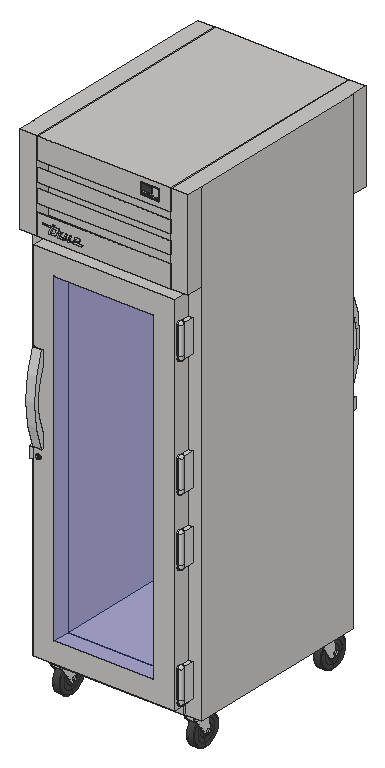
Revit family "QF_TRUE_STG1RPT-1G-1G-HC", category Specialty Equipment, Revit 2012
Parameters
  Weight in Pounds = 0
  Watts = Volts * FL Amps  # 437 W
  Volts = 115 V
  URL Manufacturer = "www.truemfg.com"
  URL Cutsheet = "www.truemfg.com"
  URL = "www.truemfg.com"
  Type Mark [instance] = ""
  Type Comments = "www.truemfg.com"
  Status [instance] = ""
  Specification by User [instance] = ""
  Specification by Manufacturer = ""
  Show Seismic Flanged [instance] = no
  Show Logo [instance] = yes
  Show Legs [instance] = no
  Show Clearance [instance] = yes
  Serial Number = ""
  Seismic Rating = ""
  Seismic Plate [instance] = and(Show Seismic Flanged, not(Show Casters))  # no
  SMACNA No = ""
  Revision Code [instance] = ""
  Phase = 1
  Omniclass Number and Title = ""
  Number of Poles [instance] = 1
  NAFEM Spec ID Number = ""
  Model = "STG1RPT-1G-1G-HC"
  Min Ckt Ampacity = 3.8 A
  Max Overcurrent Protection = 3.8 A
  MasterSpec. = ""
  Manufacturer = "TRUE FOOD SERVICE EQUIPMENT, INC."
  Length = 27 1/2"
  Legs [instance] = or(Show Legs, Show Seismic Flanged)  # no
  Item Number [instance] = ""
  Installed By [instance] = ""
  Identify Quantity as Lot [instance] = yes
  Height = 77 3/4"
  HP = "1/4"
  Furnished By [instance] = ""
  Foodservice Equipment Identifier [instance] = yes
  FL Amps = 3.8 A
  Electrical Remarks [instance] = ""
  Electric Connection Type [instance] = ""
  Elec Conn RI Height [instance] = 0"
  Elec Conn Connection Height [instance] = 0"
  Description = "PASS-THRU GLASS FRONT/GLASS REAR SWING DOORS REFRIGERATOR WITH HYDROCARBON REFRIGERANT WITH LED LIGHTING"
  Depth = 36 1/8"
  Cycle = 60 Hz
  Conn Plug = "5-15P"
  Conn Conduit = yes
  Show Casters [instance] = and(not(if(Show Legs, Show Legs, Show Legs)), not(if(Show Legs, Show Legs, Show Seismic Flanged)))  # yes
  CSI MasterFormat = ""
  CSI Master Format = ""
  Apparent Power = if(Phase = 3, Volts * FL Amps * 1.73, Volts * FL Amps)  # 437 VA
Reference planes (in)
  plane 1: z = 0
  plane 2 "LEFT": x = 0
  plane 3 "RIGHT": x = 27.5
  plane 4 "FRONT": y = -33.75
  plane 5 "TOP": z = 84.125
  plane 6: z = 6.125
  plane 7: y = -33.8917
  plane 8: y = 2.375
  plane 9: y = 4.03125
  plane 10: y = -35.40625
  plane 11: y = 25.40625
  plane 12: y = -56.78125
  plane 13: y = -56.78125
Forms (in)
  Extrusion 1, solid, material "QF_Finishes_Stainless Steel"
    sketch origin (0.09687, 0, 0) x (1, 0, 0) y (0, 1, 0)
      loop
        line (-0.09687, -0.375) -> (-0.09687, -31) -> (2.7625, -31) -> (2.7625, -0.375) -> (-0.09687, -0.375)
    from 6.125 to 84.125
  Extrusion 2, solid, material "QF_Finishes_Stainless Steel"
    sketch origin (50.15, 0, 0) x (1, 0, 0) y (0, 1, 0)
      loop
        line (-25.50937, -0.375) -> (-25.50937, -31) -> (-22.65, -31) -> (-22.65, -0.375) -> (-25.50937, -0.375)
    from 6.125 to 84.125
  Extrusion 3, solid, material "QF_Finishes_Stainless Steel"
    sketch origin (0, -0.1875, 0) x (0, 1, 0) y (0, 0, 1)
      loop
        line (-33.5625, 69.5) -> (-31, 69.5) -> (-31, 64.625) -> (0, 64.625) -> (0, 69.5) -> (2.5625, 69.5) -> (2.5625, 73.29302) -> (0.21659, 71.625) -> (0.21659, 72.90057) -> (2.5625, 74.56859) -> (2.5625, 76.6648) -> (0.21659, 74.99678) -> (0.21659, 75.95754) -> (2.5625, 77.62556) -> (2.5625, 79.75927) -> (0.21659, 78.09125) -> (0.21659, 79.21352) -> (2.5625, 80.88154) -> (2.5625, 84.125) -> (-33.5625, 84.125) -> (-33.5625, 80.68002) -> (-31.5, 79.21352) -> (-31.5, 78.09125) -> (-33.5625, 79.55776) -> (-33.5625, 77.42405) -> (-31.5, 75.95754) -> (-31.5, 74.99678) -> (-33.5625, 76.46328) -> (-33.5625, 74.36708) -> (-31.5, 72.90057) -> (-31.5, 71.625) -> (-33.5625, 73.09151) -> (-33.5625, 69.5)
      loop
        line (-31, 6.125) -> (0, 6.125) -> (0, 8.94743) -> (-31, 8.94743) -> (-31, 6.125)
    from 2.85938 to 24.64063
  Extrusion 4, solid, material "QF_Finishes_Stainless Steel"
    sketch origin (0.10531, 0, 0) x (1, 0, 0) y (0, 1, 0)
      loop
        line (27.34782, -31) -> (24.53532, -31) -> (24.53532, -33.75) -> (27.34782, -33.75) -> (27.34782, -31)
    from 69.5 to 84.125
  Extrusion 5, solid, material "QF_Finishes_Stainless Steel"
    sketch origin (-50.19421, 0, 0.25) x (1, 0, 0) y (0, 1, 0)
      loop
        line (53.05359, -31) -> (50.24109, -31) -> (50.24109, -33.75) -> (53.05359, -33.75) -> (53.05359, -31)
    from 69.25 to 83.875
  Extrusion 6, solid, material "QF_Finishes_Stainless Steel"
    sketch origin (-25.125, 0, -0.71875) x (1, 0, 0) y (0, 0, 1)
      loop
        line (27.40625, 8.75) -> (50.34375, 8.75) -> (50.34375, 68.6875) -> (27.40625, 68.6875) -> (27.40625, 8.75)
      loop
        line (30.75, 12.09375) -> (47, 12.09375) -> (47, 65.34375) -> (30.75, 65.34375) -> (30.75, 12.09375)
    from 31 to 33.75
  Extrusion 7, solid, material "QF_Finishes_Handrails and Railings"
    sketch origin (-8.56481, -0.26185, 93.525) x (0, 1, 0) y (0, 0, 1)
      loop
        line (-33.48815, -54.775) -> (-33.48815, -52.39813)
        arc (-33.48815, -52.39813) -> (-34.66767, -47.525) -> (-33.48815, -42.65188) r 10.65627
        line (-33.48815, -42.65188) -> (-33.48815, -40.275) -> (-33.7, -40.275)
        arc (-33.7, -40.275) -> (-35.1444, -47.525) -> (-33.7, -54.775) r 18.91753
        line (-33.7, -54.775) -> (-33.48815, -54.775)
    from 10.87731 to 12.37731
  Extrusion 8, solid, material "QF_Finishes_Handrails and Railings"
    sketch origin (-23.375, -0.1875, -2.6875) x (1, 0, 0) y (0, 0, 1)
      loop
        circle (26.4375, 40.0625) r 0.35
      loop
        line (26.47265, 40.33635) -> (26.41715, 40.33635) -> (26.41715, 39.76895) -> (26.47265, 39.76895) -> (26.47265, 40.33635)
    from 33.5625 to 33.625
  Extrusion 9, solid, material "QF_Finishes_Handrails and Railings", visible <- "Show Logo"
    sketch origin (0.33478, 1.08173, -6.73143) x (1, 0, 0) y (0, 0, 1)
      loop
        line (3.46044, 78.46231) -> (3.35478, 78.23573) -> (4.76027, 78.23573)
        arc (4.76027, 78.23573) -> (4.78879, 78.18528) -> (4.76027, 78.13484) r 0.05887
        line (4.76027, 78.13484) -> (4.39369, 77.34872)
        arc (4.39369, 77.34872) -> (4.39051, 77.27591) -> (4.43975, 77.22217) r 0.09523
        line (4.43975, 77.22217) -> (5.33844, 77.22217)
        arc (5.33844, 77.22217) -> (5.45192, 77.25795) -> (5.52436, 77.35235) r 0.19785
        line (5.52436, 77.35235) -> (5.81285, 77.97101) -> (6.0779, 77.97101)
        arc (6.0779, 77.97101) -> (6.14744, 77.94543) -> (6.13737, 77.87203) r 0.05911
        line (6.13737, 77.87203) -> (5.89598, 77.35437)
        arc (5.89598, 77.35437) -> (5.89974, 77.2684) -> (5.97231, 77.22217) r 0.09318
        line (5.97231, 77.22217) -> (6.76198, 77.22217)
        arc (6.76198, 77.22217) -> (6.82249, 77.24419) -> (6.85468, 77.29995) r 0.09412
        arc (6.85468, 77.29995) -> (6.87746, 77.24495) -> (6.93246, 77.22217) r 0.07778
        line (6.93246, 77.22217) -> (7.43246, 77.22217)
        arc (7.43246, 77.22217) -> (7.49022, 77.23765) -> (7.53251, 77.27993) r 0.11552
        arc (7.53251, 77.27993) -> (7.55275, 77.23106) -> (7.60162, 77.21081) r 0.06912
        line (7.60162, 77.21081) -> (8.31225, 77.21081)
        arc (8.31225, 77.21081) -> (8.37034, 77.23488) -> (8.39441, 77.29297) r 0.08216
        arc (8.39441, 77.29297) -> (8.44767, 77.23972) -> (8.52042, 77.22022) r 0.14551
        line (8.52042, 77.22022) -> (9.85158, 77.22022) -> (9.99946, 77.47634) -> (8.65678, 77.47634)
        arc (8.65678, 77.47634) -> (8.61972, 77.50204) -> (8.61834, 77.54711) r 0.05009
        line (8.61834, 77.54711) -> (8.64157, 77.59692)
        arc (8.64157, 77.59692) -> (8.67723, 77.64364) -> (8.73327, 77.66135) r 0.09747
        line (8.73327, 77.66135) -> (9.16485, 77.66135)
        arc (9.16485, 77.66135) -> (9.258, 77.68631) -> (9.32619, 77.7545) r 0.1863
        line (9.32619, 77.7545) -> (9.45119, 77.97101)
        arc (9.45119, 77.97101) -> (9.45119, 78.08657) -> (9.35111, 78.14434) r 0.11556
        line (9.35111, 78.14434) -> (8.89562, 78.14434)
        arc (8.89562, 78.14434) -> (8.7795, 78.12462) -> (8.69849, 78.03912) r 0.18605
        line (8.69849, 78.03912) -> (8.48204, 77.57493)
        arc (8.48204, 77.57493) -> (8.41815, 77.49167) -> (8.31806, 77.46011) r 0.1745
        line (8.31806, 77.46011) -> (7.84559, 77.46011)
        arc (7.84559, 77.46011) -> (7.78903, 77.52184) -> (7.79268, 77.60548) r 0.10939
        line (7.79268, 77.60548) -> (8.04395, 78.14434) -> (7.88403, 78.14434) -> (7.61781, 77.57344)
        arc (7.61781, 77.57344) -> (7.56609, 77.50603) -> (7.48505, 77.48048) r 0.14128
        line (7.48505, 77.48048) -> (7.15925, 77.48048)
        arc (7.15925, 77.48048) -> (7.10419, 77.55223) -> (7.116, 77.64189) r 0.11816
        line (7.116, 77.64189) -> (7.3503, 78.14434) -> (7.18514, 78.14434) -> (6.91546, 77.566)
        arc (6.91546, 77.566) -> (6.85285, 77.50339) -> (6.76733, 77.48048) r 0.17104
        line (6.76733, 77.48048) -> (6.29555, 77.48048)
        arc (6.29555, 77.48048) -> (6.21082, 77.51999) -> (6.20267, 77.61313) r 0.0935
        line (6.20267, 77.61313) -> (6.35774, 77.94569) -> (6.57695, 77.94569)
        arc (6.57695, 77.94569) -> (6.61395, 78.05717) -> (6.69267, 78.14434) r 0.2857
        line (6.69267, 78.14434) -> (5.83605, 78.14434)
        arc (5.83605, 78.14434) -> (5.74086, 78.12324) -> (5.67498, 78.05135) r 0.16212
        line (5.67498, 78.05135) -> (5.44279, 77.55341)
        arc (5.44279, 77.55341) -> (5.3894, 77.50002) -> (5.31647, 77.48048) r 0.14586
        line (5.31647, 77.48048) -> (4.80506, 77.48048)
        arc (4.80506, 77.48048) -> (4.76514, 77.53442) -> (4.77274, 77.60109) r 0.09155
        line (4.77274, 77.60109) -> (5.11018, 78.23573) -> (5.96155, 78.23573) -> (6.06721, 78.46231) -> (5.21584, 78.46231) -> (5.32149, 78.68888) -> (5.01862, 78.68888) -> (4.91297, 78.46231) -> (3.46044, 78.46231)
      loop
        arc (8.83805, 77.93863) -> (8.80119, 77.92875) -> (8.7742, 77.90176) r 0.07373
        line (8.7742, 77.90176) -> (8.75229, 77.83436)
        arc (8.75229, 77.83436) -> (8.76245, 77.80983) -> (8.78699, 77.79966) r 0.0347
        line (8.78699, 77.79966) -> (9.15948, 77.79966)
        arc (9.15948, 77.79966) -> (9.18632, 77.80561) -> (9.20812, 77.82234) r 0.0635
        line (9.20812, 77.82234) -> (9.22624, 77.90622)
        arc (9.22624, 77.90622) -> (9.22091, 77.92868) -> (9.20009, 77.93863) r 0.02676
        line (9.20009, 77.93863) -> (8.83805, 77.93863)
    from 34.64423 to 34.83173
  Extrusion 10, solid
    sketch origin (-25.125, 2.60721, 0) x (1, 0, 0) y (0, 0, 1)
      loop
        circle (49.375, 82) r 0.25
    from 0.23221 to 0.125
  Blend 11, solid, material "QF_Finishes_Handrails and Railings"
    base sketch origin (27.53125, 0, -0.6875) x (-1, 0, 0) y (0, 0, -1)
      loop
        line (25.25, -38.99169) -> (26, -38.99169) -> (26, -37.24169) -> (25.25, -37.24169) -> (25.25, -38.99169)
    top sketch origin (27.53125, 0, -0.6875) x (-1, 0, 0) y (0, 0, -1)
      loop
        line (26.18223, -36.6441) -> (25.25, -36.6441) -> (25.25, -39.42643) -> (26.18223, -39.42643) -> (26.18223, -36.6441)
    from 33.5625 to 31
  Extrusion 12, solid, material "QF_Finishes_Handrails and Railings"
    sketch origin (26.21875, 0.10979, 0) x (0, 1, 0) y (0, 0, -1)
      loop
        line (-31.10979, -64.55229) -> (-31.10979, -59.23627) -> (-33.25, -59.23627) -> (-33.25, -59.94848) -> (-32.81497, -59.94848) -> (-32.81497, -64.34776)
        arc (-32.81497, -64.34776) -> (-32.75506, -64.49238) -> (-32.61044, -64.55229) r 0.20453
        line (-32.61044, -64.55229) -> (-31.10979, -64.55229)
    from 0.17506 to 1
  Revolve 13, solid, material "QF_Finishes_Handrails and Railings"
    sketch origin (25.71875, 0.10979, 0) x (0, 1, 0) y (0, 0, -1)
      loop
        line (-33.26563, -60.00189) -> (-33.67229, -60.00189) -> (-33.67229, -64.4736)
        arc (-33.67229, -64.4736) -> (-33.53722, -64.72557) -> (-33.26563, -64.81483) r 0.3848
        line (-33.26563, -64.81483) -> (-33.26563, -60.00189)
      loop
        line (-33.26563, -59.94848) -> (-33.26563, -59.04781)
        arc (-33.26563, -59.04781) -> (-33.53264, -59.13383) -> (-33.67229, -59.37712) r 0.38884
        line (-33.67229, -59.37712) -> (-33.67229, -59.94848) -> (-33.26563, -59.94848)
      axis (-33.26563, -59.04781) -> (-33.26563, -64.81483)
    angle from 0 to 360
  Extrusion 14, solid, material "QF_Finishes_Handrails and Railings"
    sketch origin (27.53125, 0.10979, 0) x (-1, 0, 0) y (0, 0, -1)
      loop
        line (1.91491, -64.4736) -> (2.3125, -64.4736) -> (2.3125, -60.00079) -> (1.91491, -60.00079) -> (1.91491, -64.4736)
    from 32.81497 to 33.59495
  Extrusion 15, solid, material "QF_Finishes_Handrails and Railings"
    sketch origin (26.21875, 0.10979, -19.5) x (0, 1, 0) y (0, 0, -1)
      loop
        line (-31.10979, -64.55229) -> (-31.10979, -59.23627) -> (-33.25, -59.23627) -> (-33.25, -59.94848) -> (-32.81497, -59.94848) -> (-32.81497, -64.34776)
        arc (-32.81497, -64.34776) -> (-32.75506, -64.49238) -> (-32.61044, -64.55229) r 0.20453
        line (-32.61044, -64.55229) -> (-31.10979, -64.55229)
    from 0.17506 to 1
  Revolve 16, solid, material "QF_Finishes_Handrails and Railings"
    sketch origin (25.71875, 0.10979, -19.5) x (0, 1, 0) y (0, 0, -1)
      loop
        line (-33.26563, -60.00189) -> (-33.67229, -60.00189) -> (-33.67229, -64.4736)
        arc (-33.67229, -64.4736) -> (-33.53722, -64.72557) -> (-33.26563, -64.81483) r 0.3848
        line (-33.26563, -64.81483) -> (-33.26563, -60.00189)
      loop
        line (-33.26563, -59.94848) -> (-33.26563, -59.04781)
        arc (-33.26563, -59.04781) -> (-33.53264, -59.13383) -> (-33.67229, -59.37712) r 0.38884
        line (-33.67229, -59.37712) -> (-33.67229, -59.94848) -> (-33.26563, -59.94848)
      axis (-33.26563, -59.04781) -> (-33.26563, -64.81483)
    angle from 0 to 360
  Extrusion 17, solid, material "QF_Finishes_Handrails and Railings"
    sketch origin (27.53125, 0.10979, -19.5) x (-1, 0, 0) y (0, 0, -1)
      loop
        line (1.91491, -64.4736) -> (2.3125, -64.4736) -> (2.3125, -60.00079) -> (1.91491, -60.00079) -> (1.91491, -64.4736)
    from 32.81497 to 33.59495
  Extrusion 18, solid, material "QF_Finishes_Handrails and Railings"
    sketch origin (26.21875, 0.10979, -30.5) x (0, 1, 0) y (0, 0, -1)
      loop
        line (-31.10979, -64.55229) -> (-31.10979, -59.23627) -> (-33.25, -59.23627) -> (-33.25, -59.94848) -> (-32.81497, -59.94848) -> (-32.81497, -64.34776)
        arc (-32.81497, -64.34776) -> (-32.75506, -64.49238) -> (-32.61044, -64.55229) r 0.20453
        line (-32.61044, -64.55229) -> (-31.10979, -64.55229)
    from 0.17506 to 1
  Revolve 19, solid, material "QF_Finishes_Handrails and Railings"
    sketch origin (25.71875, 0.10979, -30.5) x (0, 1, 0) y (0, 0, -1)
      loop
        line (-33.26563, -60.00189) -> (-33.67229, -60.00189) -> (-33.67229, -64.4736)
        arc (-33.67229, -64.4736) -> (-33.53722, -64.72557) -> (-33.26563, -64.81483) r 0.3848
        line (-33.26563, -64.81483) -> (-33.26563, -60.00189)
      loop
        line (-33.26563, -59.94848) -> (-33.26563, -59.04781)
        arc (-33.26563, -59.04781) -> (-33.53264, -59.13383) -> (-33.67229, -59.37712) r 0.38884
        line (-33.67229, -59.37712) -> (-33.67229, -59.94848) -> (-33.26563, -59.94848)
      axis (-33.26563, -59.04781) -> (-33.26563, -64.81483)
    angle from 0 to 360
  Extrusion 20, solid, material "QF_Finishes_Handrails and Railings"
    sketch origin (27.53125, 0.10979, -30.5) x (-1, 0, 0) y (0, 0, -1)
      loop
        line (1.91491, -64.4736) -> (2.3125, -64.4736) -> (2.3125, -60.00079) -> (1.91491, -60.00079) -> (1.91491, -64.4736)
    from 32.81497 to 33.59495
  Extrusion 21, solid, material "QF_Finishes_Handrails and Railings"
    sketch origin (26.21875, 0.10979, -50.25) x (0, 1, 0) y (0, 0, -1)
      loop
        line (-31.10979, -64.55229) -> (-31.10979, -59.19743) -> (-33.25, -59.19743) -> (-33.25, -59.94848) -> (-32.81497, -59.94848) -> (-32.81497, -64.34776)
        arc (-32.81497, -64.34776) -> (-32.75506, -64.49238) -> (-32.61044, -64.55229) r 0.20453
        line (-32.61044, -64.55229) -> (-31.10979, -64.55229)
    from 0.17506 to 1
  Revolve 22, solid, material "QF_Finishes_Handrails and Railings"
    sketch origin (25.71875, 0.10979, -50.25) x (0, 1, 0) y (0, 0, -1)
      loop
        line (-33.26563, -60.00189) -> (-33.67229, -60.00189) -> (-33.67229, -64.4736)
        arc (-33.67229, -64.4736) -> (-33.53722, -64.72557) -> (-33.26563, -64.81483) r 0.3848
        line (-33.26563, -64.81483) -> (-33.26563, -60.00189)
      loop
        line (-33.26563, -59.94848) -> (-33.26563, -59.04781)
        arc (-33.26563, -59.04781) -> (-33.53264, -59.13383) -> (-33.67229, -59.37712) r 0.38884
        line (-33.67229, -59.37712) -> (-33.67229, -59.94848) -> (-33.26563, -59.94848)
      axis (-33.26563, -59.04781) -> (-33.26563, -64.81483)
    angle from 0 to 360
  Extrusion 23, solid, material "QF_Finishes_Handrails and Railings"
    sketch origin (27.53125, 0.10979, -50.25) x (-1, 0, 0) y (0, 0, -1)
      loop
        line (1.91491, -64.4736) -> (2.3125, -64.4736) -> (2.3125, -60.00079) -> (1.91491, -60.00079) -> (1.91491, -64.4736)
    from 32.81497 to 33.59495
  Revolve 24, solid, material "QF_Finishes_Black", visible <- "Show Casters"
    sketch origin (22.65625, -27.375, 0) x (1, 0, 0) y (0, 0, 1)
      loop
        line (1.475, 5) -> (1.375, 4.9) -> (1.375, 4.29941) -> (1.53601, 4.29941) -> (1.53601, 3.54941) -> (1.375, 3.54941) -> (1.375, 2.79941) -> (0.975, 2.79941) -> (0.975, 2.5) -> (3.025, 2.5) -> (3.025, 2.79941) -> (2.62908, 2.79941) -> (2.62908, 3.54941) -> (2.46399, 3.54941) -> (2.46399, 4.29941) -> (2.62908, 4.29941) -> (2.62908, 4.89592) -> (2.525, 5) -> (1.475, 5)
      axis (3.025, 2.5) -> (0.975, 2.5)
    angle from 0 to 360
  Extrusion 25, solid, material "QF_Finishes_Handrails and Railings", visible <- "Show Casters"
    sketch origin (22.65625, 0, 0) x (0, 1, 0) y (0, 0, 1)
      loop
        line (-29.95136, 5.48574) -> (-29.95136, 4.88089) -> (-29.70136, 4.88089) -> (-27.95216, 2.18736)
        arc (-27.95216, 2.18736) -> (-27.23883, 1.94868) -> (-26.84581, 2.59003) r 0.60416
        line (-26.84581, 2.59003) -> (-27.20136, 5.48574) -> (-29.95136, 5.48574)
      loop
        line (-4.07645, 5.48574) -> (-4.07645, 4.88089) -> (-3.82645, 4.88089) -> (-2.07725, 2.18736)
        arc (-2.07725, 2.18736) -> (-1.36392, 1.94868) -> (-0.9709, 2.59003) r 0.60416
        line (-0.9709, 2.59003) -> (-1.32645, 5.48574) -> (-4.07645, 5.48574)
    from 1.175 to 1.325
  Extrusion 26, solid, material "QF_Finishes_Handrails and Railings", visible <- "Show Casters"
    sketch origin (24.15625, 0, 0) x (0, 1, 0) y (0, 0, 1)
      loop
        line (-29.95136, 5.48574) -> (-29.95136, 4.88089) -> (-29.70136, 4.88089) -> (-27.95216, 2.18736)
        arc (-27.95216, 2.18736) -> (-27.23883, 1.94868) -> (-26.84581, 2.59003) r 0.60416
        line (-26.84581, 2.59003) -> (-27.20136, 5.48574) -> (-29.95136, 5.48574)
      loop
        line (-4.45145, 5.48574) -> (-4.45145, 4.88089) -> (-4.20145, 4.88089) -> (-2.45225, 2.18736)
        arc (-2.45225, 2.18736) -> (-1.73892, 1.94868) -> (-1.3459, 2.59003) r 0.60416
        line (-1.3459, 2.59003) -> (-1.70145, 5.48574) -> (-4.45145, 5.48574)
    from 1.175 to 1.325
  Revolve 27, solid, material "QF_Finishes_Chrome - Satin", visible <- "Show Casters"
    sketch origin (22.65625, -28.5625, -0.5) x (1, 0, 0) y (0, 0, 1)
      loop
        line (2, 5.99546) -> (2, 6.625) -> (0.70293, 6.625) -> (0.70293, 5.99546) -> (2, 5.99546)
      axis (2, 5.99546) -> (2, 6.625)
    angle from 0 to 360
  Revolve 28, solid, material "QF_Finishes_Chrome - Satin", visible <- "Legs"
    sketch origin (22.65625, -2.69102, 0) x (1, 0, 0) y (0, 0, 1)
      loop
        line (2, 6.125) -> (0.66662, 6.125) -> (1.25, 1) -> (1.5, 1) -> (1.5, 0) -> (2, 0) -> (2, 6.125)
      axis (2, 0) -> (2, 6.125)
    angle from 0 to 360
  Revolve 29, solid, material "QF_Finishes_Chrome - Satin", visible <- "Legs"
    sketch origin (22.65625, -28.5625, 0) x (1, 0, 0) y (0, 0, 1)
      loop
        line (2, 6.125) -> (0.66662, 6.125) -> (1.25, 1) -> (1.5, 1) -> (1.5, 0) -> (2, 0) -> (2, 6.125)
      axis (2, 0) -> (2, 6.125)
    angle from 0 to 360
  Revolve 30, solid, material "QF_Finishes_Chrome - Satin", visible <- "Show Casters"
    sketch origin (22.65625, -2.70321, -0.5) x (1, 0, 0) y (0, 0, 1)
      loop
        line (2, 5.99546) -> (2, 6.625) -> (0.70293, 6.625) -> (0.70293, 5.99546) -> (2, 5.99546)
      axis (2, 5.99546) -> (2, 6.625)
    angle from 0 to 360
  Extrusion 31, solid, material "QF_Finishes_Handrails and Railings", visible <- "Show Casters"
    sketch origin (-25.125, 0, 0) x (0, 1, 0) y (0, 0, 1)
      loop
        line (-29.95136, 5.48574) -> (-29.95136, 4.88089) -> (-29.70136, 4.88089) -> (-27.16533, 5.19227) -> (-27.20136, 5.48574) -> (-29.95136, 5.48574)
      loop
        line (-4.07645, 5.48574) -> (-4.07645, 4.88089) -> (-3.82645, 4.88089) -> (-1.29042, 5.19227) -> (-1.32645, 5.48574) -> (-4.07645, 5.48574)
    from 49.10625 to 50.45625
  Revolve 32, solid, material "QF_Finishes_Black", visible <- "Show Casters"
    sketch origin (22.65625, -1.4375, 0) x (1, 0, 0) y (0, 0, 1)
      loop
        line (1.475, 5) -> (1.375, 4.9) -> (1.375, 4.29941) -> (1.53601, 4.29941) -> (1.53601, 3.54941) -> (1.375, 3.54941) -> (1.375, 2.79941) -> (0.975, 2.79941) -> (0.975, 2.5) -> (3.025, 2.5) -> (3.025, 2.79941) -> (2.62908, 2.79941) -> (2.62908, 3.54941) -> (2.46399, 3.54941) -> (2.46399, 4.29941) -> (2.62908, 4.29941) -> (2.62908, 4.89592) -> (2.525, 5) -> (1.475, 5)
      axis (3.025, 2.5) -> (0.975, 2.5)
    angle from 0 to 360
  Revolve 33, solid, material "QF_Finishes_Black", visible <- "Show Casters"
    sketch origin (0.84375, -27.375, 0) x (1, 0, 0) y (0, 0, 1)
      loop
        line (1.475, 5) -> (1.375, 4.9) -> (1.375, 4.29941) -> (1.53601, 4.29941) -> (1.53601, 3.54941) -> (1.375, 3.54941) -> (1.375, 2.79941) -> (0.975, 2.79941) -> (0.975, 2.5) -> (3.025, 2.5) -> (3.025, 2.79941) -> (2.62908, 2.79941) -> (2.62908, 3.54941) -> (2.46399, 3.54941) -> (2.46399, 4.29941) -> (2.62908, 4.29941) -> (2.62908, 4.89592) -> (2.525, 5) -> (1.475, 5)
      axis (3.025, 2.5) -> (0.975, 2.5)
    angle from 0 to 360
  Extrusion 34, solid, material "QF_Finishes_Handrails and Railings", visible <- "Show Casters"
    sketch origin (0.84375, 0, 0) x (0, 1, 0) y (0, 0, 1)
      loop
        line (-29.95136, 5.48574) -> (-29.95136, 4.88089) -> (-29.70136, 4.88089) -> (-27.95216, 2.18736)
        arc (-27.95216, 2.18736) -> (-27.23883, 1.94868) -> (-26.84581, 2.59003) r 0.60416
        line (-26.84581, 2.59003) -> (-27.20136, 5.48574) -> (-29.95136, 5.48574)
      loop
        line (-4.07645, 5.48574) -> (-4.07645, 4.88089) -> (-3.82645, 4.88089) -> (-2.07725, 2.18736)
        arc (-2.07725, 2.18736) -> (-1.36392, 1.94868) -> (-0.9709, 2.59003) r 0.60416
        line (-0.9709, 2.59003) -> (-1.32645, 5.48574) -> (-4.07645, 5.48574)
    from 1.175 to 1.325
  Extrusion 35, solid, material "QF_Finishes_Handrails and Railings", visible <- "Show Casters"
    sketch origin (2.34375, 0, 0) x (0, 1, 0) y (0, 0, 1)
      loop
        line (-29.95136, 5.48574) -> (-29.95136, 4.88089) -> (-29.70136, 4.88089) -> (-27.95216, 2.18736)
        arc (-27.95216, 2.18736) -> (-27.23883, 1.94868) -> (-26.84581, 2.59003) r 0.60416
        line (-26.84581, 2.59003) -> (-27.20136, 5.48574) -> (-29.95136, 5.48574)
      loop
        line (-4.07645, 5.48574) -> (-4.07645, 4.88089) -> (-3.82645, 4.88089) -> (-2.07725, 2.18736)
        arc (-2.07725, 2.18736) -> (-1.36392, 1.94868) -> (-0.9709, 2.59003) r 0.60416
        line (-0.9709, 2.59003) -> (-1.32645, 5.48574) -> (-4.07645, 5.48574)
    from 1.175 to 1.325
  Revolve 36, solid, material "QF_Finishes_Chrome - Satin", visible <- "Show Casters"
    sketch origin (0.84375, -28.5625, -0.5) x (1, 0, 0) y (0, 0, 1)
      loop
        line (2, 5.99546) -> (2, 6.625) -> (0.70293, 6.625) -> (0.70293, 5.99546) -> (2, 5.99546)
      axis (2, 5.99546) -> (2, 6.625)
    angle from 0 to 360
  Revolve 37, solid, material "QF_Finishes_Chrome - Satin", visible <- "Legs"
    sketch origin (0.84375, -2.69102, 0) x (1, 0, 0) y (0, 0, 1)
      loop
        line (2, 6.125) -> (0.66662, 6.125) -> (1.25, 1) -> (1.5, 1) -> (1.5, 0) -> (2, 0) -> (2, 6.125)
      axis (2, 0) -> (2, 6.125)
    angle from 0 to 360
  Revolve 38, solid, material "QF_Finishes_Chrome - Satin", visible <- "Legs"
    sketch origin (0.84375, -28.5625, 0) x (1, 0, 0) y (0, 0, 1)
      loop
        line (2, 6.125) -> (0.66662, 6.125) -> (1.25, 1) -> (1.5, 1) -> (1.5, 0) -> (2, 0) -> (2, 6.125)
      axis (2, 0) -> (2, 6.125)
    angle from 0 to 360
  Revolve 39, solid, material "QF_Finishes_Chrome - Satin", visible <- "Show Casters"
    sketch origin (0.84375, -2.70321, -0.5) x (1, 0, 0) y (0, 0, 1)
      loop
        line (2, 5.99546) -> (2, 6.625) -> (0.70293, 6.625) -> (0.70293, 5.99546) -> (2, 5.99546)
      axis (2, 5.99546) -> (2, 6.625)
    angle from 0 to 360
  Extrusion 40, solid, material "QF_Finishes_Handrails and Railings", visible <- "Show Casters"
    sketch origin (-46.9375, 0, 0) x (0, 1, 0) y (0, 0, 1)
      loop
        line (-29.95136, 5.48574) -> (-29.95136, 4.88089) -> (-29.70136, 4.88089) -> (-27.16533, 5.19227) -> (-27.20136, 5.48574) -> (-29.95136, 5.48574)
      loop
        line (-4.07645, 5.48574) -> (-4.07645, 4.88089) -> (-3.82645, 4.88089) -> (-1.29042, 5.19227) -> (-1.32645, 5.48574) -> (-4.07645, 5.48574)
    from 49.10625 to 50.45625
  Revolve 41, solid, material "QF_Finishes_Black", visible <- "Show Casters"
    sketch origin (0.84375, -1.4375, 0) x (1, 0, 0) y (0, 0, 1)
      loop
        line (1.475, 5) -> (1.375, 4.9) -> (1.375, 4.29941) -> (1.53601, 4.29941) -> (1.53601, 3.54941) -> (1.375, 3.54941) -> (1.375, 2.79941) -> (0.975, 2.79941) -> (0.975, 2.5) -> (3.025, 2.5) -> (3.025, 2.79941) -> (2.62908, 2.79941) -> (2.62908, 3.54941) -> (2.46399, 3.54941) -> (2.46399, 4.29941) -> (2.62908, 4.29941) -> (2.62908, 4.89592) -> (2.525, 5) -> (1.475, 5)
      axis (3.025, 2.5) -> (0.975, 2.5)
    angle from 0 to 360
  Extrusion 42, solid, material "Glass"
    sketch origin (-25.125, 0, -0.71875) x (1, 0, 0) y (0, 0, 1)
      loop
        line (30.75, 12.09375) -> (47, 12.09375) -> (47, 65.34375) -> (30.75, 65.34375) -> (30.75, 12.09375)
    from 31 to 33.75
  Extrusion 43, solid, material "QF_Finishes_Stainless Steel"
    sketch origin (-25.125, -31.7042, -0.71875) x (1, 0, 0) y (0, 0, -1)
      loop
        line (27.40625, -68.6875) -> (50.34375, -68.6875) -> (50.34375, -8.75) -> (27.40625, -8.75) -> (27.40625, -68.6875)
      loop
        line (30.75, -12.09375) -> (30.75, -65.34375) -> (47, -65.34375) -> (47, -12.09375) -> (30.75, -12.09375)
    from 31.3292 to 34.0792
  Extrusion 44, solid, material "Glass"
    sketch origin (-25.125, -31.7042, -0.71875) x (1, 0, 0) y (0, 0, -1)
      loop
        line (30.75, -12.09375) -> (30.75, -65.34375) -> (47, -65.34375) -> (47, -12.09375) -> (30.75, -12.09375)
    from 31.3292 to 34.0792
  Extrusion 45, solid, material "QF_Finishes_Stainless Steel"
    sketch origin (0.10531, -31.3292, 0) x (1, 0, 0) y (0, 1, 0)
      loop
        line (27.34782, 30.9542) -> (27.34782, 33.7042) -> (24.53532, 33.7042) -> (24.53532, 30.9542) -> (27.34782, 30.9542)
    from 69.5 to 84.125
  Extrusion 46, solid, material "QF_Finishes_Stainless Steel"
    sketch origin (-50.14734, -31.3292, 0.25) x (1, 0, 0) y (0, 1, 0)
      loop
        line (53.00671, 30.9542) -> (53.00671, 33.7042) -> (50.19421, 33.7042) -> (50.19421, 30.9542) -> (53.00671, 30.9542)
    from 69.25 to 83.875
  Extrusion 47, solid, material "QF_Finishes_Handrails and Railings"
    sketch origin (1.28125, -31.48479, 0) x (0, -1, 0) y (0, 0, -1)
      loop
        line (-31.10979, -64.55229) -> (-31.10979, -59.23627) -> (-33.25, -59.23627) -> (-33.25, -59.94848) -> (-32.81497, -59.94848) -> (-32.81497, -64.34776)
        arc (-32.81497, -64.34776) -> (-32.75506, -64.49238) -> (-32.61044, -64.55229) r 0.20453
        line (-32.61044, -64.55229) -> (-31.10979, -64.55229)
    from 0.17506 to 1
  Revolve 48, solid, material "QF_Finishes_Handrails and Railings"
    sketch origin (1.78125, -31.48479, 0) x (0, -1, 0) y (0, 0, -1)
      loop
        line (-33.26563, -60.00189) -> (-33.67229, -60.00189) -> (-33.67229, -64.4736)
        arc (-33.67229, -64.4736) -> (-33.53722, -64.72557) -> (-33.26563, -64.81483) r 0.3848
        line (-33.26563, -64.81483) -> (-33.26563, -60.00189)
      loop
        line (-33.26563, -59.94848) -> (-33.26563, -59.04781)
        arc (-33.26563, -59.04781) -> (-33.53264, -59.13383) -> (-33.67229, -59.37712) r 0.38884
        line (-33.67229, -59.37712) -> (-33.67229, -59.94848) -> (-33.26563, -59.94848)
      axis (-33.26563, -59.04781) -> (-33.26563, -64.81483)
    angle from 0 to 360
  Extrusion 49, solid, material "QF_Finishes_Handrails and Railings"
    sketch origin (-0.03125, -31.48479, 0) x (1, 0, 0) y (0, 0, -1)
      loop
        line (1.91491, -64.4736) -> (2.3125, -64.4736) -> (2.3125, -60.00079) -> (1.91491, -60.00079) -> (1.91491, -64.4736)
    from 32.81497 to 33.59495
  Extrusion 50, solid, material "QF_Finishes_Handrails and Railings"
    sketch origin (1.28125, -31.48479, -19.5) x (0, -1, 0) y (0, 0, -1)
      loop
        line (-31.10979, -64.55229) -> (-31.10979, -59.23627) -> (-33.25, -59.23627) -> (-33.25, -59.94848) -> (-32.81497, -59.94848) -> (-32.81497, -64.34776)
        arc (-32.81497, -64.34776) -> (-32.75506, -64.49238) -> (-32.61044, -64.55229) r 0.20453
        line (-32.61044, -64.55229) -> (-31.10979, -64.55229)
    from 0.17506 to 1
  Revolve 51, solid, material "QF_Finishes_Handrails and Railings"
    sketch origin (1.78125, -31.48479, -19.5) x (0, -1, 0) y (0, 0, -1)
      loop
        line (-33.26563, -60.00189) -> (-33.67229, -60.00189) -> (-33.67229, -64.4736)
        arc (-33.67229, -64.4736) -> (-33.53722, -64.72557) -> (-33.26563, -64.81483) r 0.3848
        line (-33.26563, -64.81483) -> (-33.26563, -60.00189)
      loop
        line (-33.26563, -59.94848) -> (-33.26563, -59.04781)
        arc (-33.26563, -59.04781) -> (-33.53264, -59.13383) -> (-33.67229, -59.37712) r 0.38884
        line (-33.67229, -59.37712) -> (-33.67229, -59.94848) -> (-33.26563, -59.94848)
      axis (-33.26563, -59.04781) -> (-33.26563, -64.81483)
    angle from 0 to 360
  Extrusion 52, solid, material "QF_Finishes_Handrails and Railings"
    sketch origin (-0.03125, -31.48479, -19.5) x (1, 0, 0) y (0, 0, -1)
      loop
        line (1.91491, -64.4736) -> (2.3125, -64.4736) -> (2.3125, -60.00079) -> (1.91491, -60.00079) -> (1.91491, -64.4736)
    from 32.81497 to 33.59495
  Extrusion 53, solid, material "QF_Finishes_Handrails and Railings"
    sketch origin (1.28125, -31.48479, -30.5) x (0, -1, 0) y (0, 0, -1)
      loop
        line (-31.10979, -64.55229) -> (-31.10979, -59.23627) -> (-33.25, -59.23627) -> (-33.25, -59.94848) -> (-32.81497, -59.94848) -> (-32.81497, -64.34776)
        arc (-32.81497, -64.34776) -> (-32.75506, -64.49238) -> (-32.61044, -64.55229) r 0.20453
        line (-32.61044, -64.55229) -> (-31.10979, -64.55229)
    from 0.17506 to 1
  Revolve 54, solid, material "QF_Finishes_Handrails and Railings"
    sketch origin (1.78125, -31.48479, -30.5) x (0, -1, 0) y (0, 0, -1)
      loop
        line (-33.26563, -60.00189) -> (-33.67229, -60.00189) -> (-33.67229, -64.4736)
        arc (-33.67229, -64.4736) -> (-33.53722, -64.72557) -> (-33.26563, -64.81483) r 0.3848
        line (-33.26563, -64.81483) -> (-33.26563, -60.00189)
      loop
        line (-33.26563, -59.94848) -> (-33.26563, -59.04781)
        arc (-33.26563, -59.04781) -> (-33.53264, -59.13383) -> (-33.67229, -59.37712) r 0.38884
        line (-33.67229, -59.37712) -> (-33.67229, -59.94848) -> (-33.26563, -59.94848)
      axis (-33.26563, -59.04781) -> (-33.26563, -64.81483)
    angle from 0 to 360
  Extrusion 55, solid, material "QF_Finishes_Handrails and Railings"
    sketch origin (-0.03125, -31.48479, -30.5) x (1, 0, 0) y (0, 0, -1)
      loop
        line (1.91491, -64.4736) -> (2.3125, -64.4736) -> (2.3125, -60.00079) -> (1.91491, -60.00079) -> (1.91491, -64.4736)
    from 32.81497 to 33.59495
  Extrusion 56, solid, material "QF_Finishes_Handrails and Railings"
    sketch origin (1.28125, -31.48479, -50.25) x (0, -1, 0) y (0, 0, -1)
      loop
        line (-31.10979, -64.55229) -> (-31.10979, -59.19743) -> (-33.25, -59.19743) -> (-33.25, -59.94848) -> (-32.81497, -59.94848) -> (-32.81497, -64.34776)
        arc (-32.81497, -64.34776) -> (-32.75506, -64.49238) -> (-32.61044, -64.55229) r 0.20453
        line (-32.61044, -64.55229) -> (-31.10979, -64.55229)
    from 0.17506 to 1
  Revolve 57, solid, material "QF_Finishes_Handrails and Railings"
    sketch origin (1.78125, -31.48479, -50.25) x (0, -1, 0) y (0, 0, -1)
      loop
        line (-33.26563, -60.00189) -> (-33.67229, -60.00189) -> (-33.67229, -64.4736)
        arc (-33.67229, -64.4736) -> (-33.53722, -64.72557) -> (-33.26563, -64.81483) r 0.3848
        line (-33.26563, -64.81483) -> (-33.26563, -60.00189)
      loop
        line (-33.26563, -59.94848) -> (-33.26563, -59.04781)
        arc (-33.26563, -59.04781) -> (-33.53264, -59.13383) -> (-33.67229, -59.37712) r 0.38884
        line (-33.67229, -59.37712) -> (-33.67229, -59.94848) -> (-33.26563, -59.94848)
      axis (-33.26563, -59.04781) -> (-33.26563, -64.81483)
    angle from 0 to 360
  Extrusion 58, solid, material "QF_Finishes_Handrails and Railings"
    sketch origin (-0.03125, -31.48479, -50.25) x (1, 0, 0) y (0, 0, -1)
      loop
        line (1.91491, -64.4736) -> (2.3125, -64.4736) -> (2.3125, -60.00079) -> (1.91491, -60.00079) -> (1.91491, -64.4736)
    from 32.81497 to 33.59495
  Extrusion 59, solid, material "QF_Finishes_Handrails and Railings"
    sketch origin (35.97106, -31.11349, 93.525) x (0, -1, 0) y (0, 0, 1)
      loop
        line (-33.48849, -54.775) -> (-33.48849, -52.39765)
        arc (-33.48849, -52.39765) -> (-34.6585, -47.525) -> (-33.48849, -42.65235) r 10.73141
        line (-33.48849, -42.65235) -> (-33.48849, -40.275) -> (-33.7, -40.275)
        arc (-33.7, -40.275) -> (-35.14474, -47.525) -> (-33.7, -54.775) r 18.91336
        line (-33.7, -54.775) -> (-33.48849, -54.775)
    from 10.87731 to 12.12731
  Extrusion 60, solid, material "QF_Finishes_Handrails and Railings"
    sketch origin (51, -31.39133, -2.6875) x (-1, 0, 0) y (0, 0, 1)
      loop
        circle (26.4375, 40.0625) r 0.35
      loop
        line (26.47265, 40.33635) -> (26.41715, 40.33635) -> (26.41715, 39.76895) -> (26.47265, 39.76895) -> (26.47265, 40.33635)
    from 33.76633 to 33.82883
  Blend 61, solid, material "QF_Finishes_Handrails and Railings"
    base sketch origin (-0.03125, -31.57883, -0.6875) x (1, 0, 0) y (0, 0, -1)
      loop
        line (25.25, -38.99169) -> (26, -38.99169) -> (26, -37.24169) -> (25.25, -37.24169) -> (25.25, -38.99169)
    top sketch origin (-0.03125, -31.57883, -0.6875) x (1, 0, 0) y (0, 0, -1)
      loop
        line (26.18223, -36.6441) -> (25.25, -36.6441) -> (25.25, -39.42643) -> (26.18223, -39.42643) -> (26.18223, -36.6441)
    from 33.76633 to 31.20383
  Extrusion 62, solid, material "QF_Finishes_White"
    sketch origin (-23.16691, 1.06376, 1.58022) x (1, 0, 0) y (0, 0, 1)
      loop
        line (42.91107, 81.73227) -> (42.91107, 79.98496) -> (45.81732, 79.98496) -> (45.81732, 81.73227) -> (42.91107, 81.73227)
    from 34.62626 to 34.72001
  Extrusion 63, solid, material "QF_Finishes_Black"
    sketch origin (-23.16691, 1.06376, 1.58022) x (1, 0, 0) y (0, 0, 1)
      loop
        line (45.87982, 81.79477) -> (42.84857, 81.79477) -> (42.84857, 79.92246) -> (45.87982, 79.92246) -> (45.87982, 81.79477)
      loop
        spline (43.04857, 80.25372) -> (43.05708, 80.23754) -> (43.08206, 80.22247) -> (43.12179, 80.20952) -> (43.17357, 80.19959) -> (43.23386, 80.19335) -> (43.29857, 80.19122) -> (43.36327, 80.19335) -> (43.42357, 80.19959) -> (43.47534, 80.20952) -> (43.51507, 80.22247) -> (43.54005, 80.23754) -> (43.54857, 80.25372)
        spline (43.54857, 80.25372) -> (43.54005, 80.26989) -> (43.51507, 80.28497) -> (43.47534, 80.29791) -> (43.42357, 80.30784) -> (43.36327, 80.31409) -> (43.29857, 80.31622) -> (43.23386, 80.31409) -> (43.17357, 80.30784) -> (43.12179, 80.29791) -> (43.08206, 80.28497) -> (43.05708, 80.26989) -> (43.04857, 80.25372)
      loop
        spline (43.74458, 80.25372) -> (43.7531, 80.23754) -> (43.77807, 80.22247) -> (43.8178, 80.20952) -> (43.86958, 80.19959) -> (43.92987, 80.19335) -> (43.99458, 80.19122) -> (44.05928, 80.19335) -> (44.11958, 80.19959) -> (44.17136, 80.20952) -> (44.21109, 80.22247) -> (44.23606, 80.23754) -> (44.24458, 80.25372)
        spline (44.24458, 80.25372) -> (44.23606, 80.26989) -> (44.21109, 80.28497) -> (44.17136, 80.29791) -> (44.11958, 80.30784) -> (44.05928, 80.31409) -> (43.99458, 80.31622) -> (43.92987, 80.31409) -> (43.86958, 80.30784) -> (43.8178, 80.29791) -> (43.77807, 80.28497) -> (43.7531, 80.26989) -> (43.74458, 80.25372)
      loop
        spline (44.49458, 80.25372) -> (44.5031, 80.23754) -> (44.52807, 80.22247) -> (44.5678, 80.20952) -> (44.61958, 80.19959) -> (44.67987, 80.19335) -> (44.74458, 80.19122) -> (44.80928, 80.19335) -> (44.86958, 80.19959) -> (44.92136, 80.20952) -> (44.96109, 80.22247) -> (44.98606, 80.23754) -> (44.99458, 80.25372)
        spline (44.99458, 80.25372) -> (44.98606, 80.26989) -> (44.96109, 80.28497) -> (44.92136, 80.29791) -> (44.86958, 80.30784) -> (44.80928, 80.31409) -> (44.74458, 80.31622) -> (44.67987, 80.31409) -> (44.61958, 80.30784) -> (44.5678, 80.29791) -> (44.52807, 80.28497) -> (44.5031, 80.26989) -> (44.49458, 80.25372)
      loop
        line (43.04856, 81.59478) -> (43.04856, 80.59478) -> (44.74808, 80.59478) -> (44.74808, 81.59478) -> (43.04856, 81.59478)
      loop
        line (45.81732, 81.73227) -> (42.91107, 81.73227) -> (42.91107, 79.98496) -> (45.81732, 79.98496) -> (45.81732, 81.73227)
      loop
        spline (45.24458, 80.25372) -> (45.2531, 80.23754) -> (45.27807, 80.22247) -> (45.3178, 80.20952) -> (45.36958, 80.19959) -> (45.42987, 80.19335) -> (45.49458, 80.19122) -> (45.55928, 80.19335) -> (45.61958, 80.19959) -> (45.67136, 80.20952) -> (45.71109, 80.22247) -> (45.73606, 80.23754) -> (45.74458, 80.25372)
        spline (45.74458, 80.25372) -> (45.73606, 80.26989) -> (45.71109, 80.28497) -> (45.67136, 80.29791) -> (45.61958, 80.30784) -> (45.55928, 80.31409) -> (45.49458, 80.31622) -> (45.42987, 80.31409) -> (45.36958, 80.30784) -> (45.3178, 80.29791) -> (45.27807, 80.28497) -> (45.2531, 80.26989) -> (45.24458, 80.25372)
    from 34.62626 to 34.81376
  Extrusion 64, solid, material "QF_Door-Drawer Clearances", visible <- "Show Clearance", detail levels coarse
    sketch origin (26.42841, -3.60924, 0) x (1, 0, 0) y (0, 1, 0)
      loop
        line (-1.20966, -30.14076) -> (-24.14829, -30.14076)
        arc (-24.14829, -30.14076) -> (-17.42709, -46.38541) -> (-1.20966, -53.17201) r 23.05973
        line (-1.20966, -53.17201) -> (-1.20966, -30.14076)
      loop
        line (-24.14716, 5.98424) -> (-1.20853, 5.98424)
        arc (-1.20853, 5.98424) -> (-7.92626, 22.23234) -> (-24.14716, 29.01549) r 23.04778
        line (-24.14716, 29.01549) -> (-24.14716, 5.98424)
    from 8.03125 to 67.96875
  Extrusion 65, solid, material "QF_Finishes_Chrome - Satin", visible <- "Seismic Plate"
    sketch origin (-0.22541, -26.86834, 0) x (1, 0, 0) y (0, 1, 0)
      loop
        circle (3.06916, -1.69416) r 1.5
    from 0 to 0.25
  Extrusion 66, solid, material "QF_Finishes_Chrome - Satin", visible <- "Seismic Plate"
    sketch origin (-0.22541, -0.99687, 0) x (1, 0, 0) y (0, 1, 0)
      loop
        circle (3.06916, -1.69416) r 1.5
    from 0 to 0.25
  Extrusion 67, solid, material "QF_Finishes_Chrome - Satin", visible <- "Seismic Plate"
    sketch origin (21.49334, -0.99687, 0) x (1, 0, 0) y (0, 1, 0)
      loop
        circle (3.16291, -1.69416) r 1.5
    from 0 to 0.25
  Extrusion 68, solid, material "QF_Finishes_Chrome - Satin", visible <- "Seismic Plate"
    sketch origin (21.49334, -26.86834, 0) x (1, 0, 0) y (0, 1, 0)
      loop
        circle (3.16291, -1.69416) r 1.5
    from 0 to 0.25
Cuts and joins
  joined: Extrusion 1, Extrusion 2, Extrusion 4, Extrusion 5, Extrusion 45, Extrusion 46
Lines and regions (in)
  symbolic lines
    curve 1: line (0, -33.75, 0) -> (0, 2.375, 0)
    curve 2: line (27.5, -33.75, 0) -> (0, -33.75, 0)
    curve 3: line (27.5, 2.375, 0) -> (27.5, -33.75, 0)
    curve 21: line (2.3125, -33.75, 0) -> (2.3125, -35.40625, 0)
    curve 22: line (2.3125, -35.40625, 0) -> (3.8125, -35.40625, 0)
    curve 23: line (3.8125, -35.40625, 0) -> (3.8125, -33.75, 0)
    curve 24: line (23.84375, 2.375, 0) -> (23.84375, 4.03125, 0)
    curve 25: line (23.84375, 4.03125, 0) -> (25.09375, 4.03125, 0)
    curve 26: line (25.09375, 4.03125, 0) -> (25.09375, 2.375, 0)
    curve 27: line (27.5, 2.375, 0) -> (0, 2.375, 0)
    curve 28: line (27.5, -31, 0) -> (0, -31, 0)
    curve 29: line (27.5, -0.375, 0) -> (0, -0.375, 0)
  symbolic lines, style "SpecialityEquipmentHiddenLines", visible <- "Show Casters"
    curve 4: line (3.91409, -24.76035, 0) -> (5.00001, -25.3873, 0)
    curve 5: line (1.41409, -29.09048, 0) -> (3.91409, -24.76035, 0)
    curve 6: line (2.50001, -29.71743, 0) -> (1.41409, -29.09048, 0)
    curve 7: line (5.00001, -25.3873, 0) -> (2.50001, -29.71743, 0)
    curve 8: line (3.70097, -0.6373, 0) -> (4.78688, -1.26426, 0)
    curve 9: line (1.20097, -4.96743, 0) -> (3.70097, -0.6373, 0)
    curve 10: line (2.28688, -5.59438, 0) -> (1.20097, -4.96743, 0)
    curve 11: line (4.78688, -1.26426, 0) -> (2.28688, -5.59438, 0)
    curve 12: line (24.82156, -0.76035, 0) -> (25.90747, -1.3873, 0)
    curve 13: line (22.32156, -5.09048, 0) -> (24.82156, -0.76035, 0)
    curve 14: line (23.40747, -5.71743, 0) -> (22.32156, -5.09048, 0)
    curve 15: line (25.90747, -1.3873, 0) -> (23.40747, -5.71743, 0)
    curve 16: line (24.82156, -24.86443, 0) -> (25.90747, -25.49138, 0)
    curve 17: line (22.32156, -29.19455, 0) -> (24.82156, -24.86443, 0)
    curve 18: line (23.40747, -29.82151, 0) -> (22.32156, -29.19455, 0)
    curve 19: line (25.90747, -25.49138, 0) -> (23.40747, -29.82151, 0)
  symbolic lines, style "QF_Door-Drawer Clearances"
    curve 20: line (25.21875, -33.75, 0) -> (5.35331, -45.21932, 0)
    curve 30: arc (5.35331, -45.21932, 0) -> (3.06173, -39.68696, 0) -> (2.28012, -33.75, 0) r 22.93863
    curve 31: line (2.28125, 2.375, 0) -> (22.14669, 13.84432, 0)
    curve 32: arc (22.14669, 13.84432, 0) -> (24.43827, 8.31196, 0) -> (25.21988, 2.375, 0) r 22.93863
Dimensions and locks (in)
  plane 6 to level = 6 1/8"
  plane 5 "TOP" to level = 84 1/8"
  plane 5 "TOP" to plane 6 = 78"
  "Length": plane 2 "LEFT" to plane 3 "RIGHT"
  "Depth": plane 4 "FRONT" to plane 8
  plane 3 "RIGHT" to plane 2 "LEFT" = 27 1/2"
  Extrusion 6 to plane 2 "LEFT" = 2 9/32"
  plane 3 "RIGHT" to Extrusion 6 = 2 9/32"
  Extrusion 6 to plane 6 = 1 29/32"
  Extrusion 3 to Extrusion 6 = 1 17/32"
  Extrusion 6 to Extrusion 7 = 14 23/32"
  Extrusion 7 to Extrusion 8 = 1 3/8"
  cut or joined group of Extrusion 1, Extrusion 2, Extrusion 4, Extrusion 5, Extrusion 45, Extrusion 46 to cut or joined group of Extrusion 1, Extrusion 2, Extrusion 4, Extrusion 5, Extrusion 45, Extrusion 46 = 2 13/16"  (x2)
  cut or joined group of Extrusion 1, Extrusion 2, Extrusion 4, Extrusion 5, Extrusion 45, Extrusion 46 to cut or joined group of Extrusion 1, Extrusion 2, Extrusion 4, Extrusion 5, Extrusion 45, Extrusion 46 = 27 13/32"
  Extrusion 6 to Extrusion 6 = 22 15/16"
  plane 4 "FRONT" to plane 8 = 36 1/8"
  cut or joined group of Extrusion 1, Extrusion 2, Extrusion 4, Extrusion 5, Extrusion 45, Extrusion 46 to cut or joined group of Extrusion 1, Extrusion 2, Extrusion 4, Extrusion 5, Extrusion 45, Extrusion 46 = 30 5/8"  (x2)
  plane 8 to plane 4 "FRONT" = 36 1/8"
  plane 9 to plane 10 = 39 7/16"
  plane 11 to plane 8 = 23 1/32"
  plane 12 to plane 4 "FRONT" = 23 1/32"
  plane 13 to plane 4 "FRONT" = 23 1/32"
  aligned and locked: level to plane 1
  aligned and locked: Extrusion 3 to cut or joined group of Extrusion 1, Extrusion 2, Extrusion 4, Extrusion 5, Extrusion 45, Extrusion 46  (x2)
Automatic sketch dimensions
  plane 7 to Extrusion 3 sketch curve = 0.1417"  (x4)
  Extrusion 3 sketch curve to plane 5 "TOP" = 0"
  plane 7 to Extrusion 3 sketch curve = 2.2042"
  Extrusion 3 sketch curve to Extrusion 3 sketch curve = 0"  (x6)
  Extrusion 3 sketch curve to Extrusion 3 sketch curve = 1/2"
  plane 7 to Extrusion 3 sketch curve = 2.7042"
  Extrusion 3 sketch curve to Extrusion 3 sketch curve = 2.34591"  (x2)
  Extrusion 3 sketch curve to plane 5 "TOP" = 3.24346"
  Extrusion 3 sketch curve to plane 5 "TOP" = 3.44498"
  Extrusion 3 sketch curve to Extrusion 3 sketch curve = 1.12227"  (x4)
  Extrusion 3 sketch curve to Extrusion 3 sketch curve = 0.54575"
  Extrusion 3 sketch curve to Extrusion 3 sketch curve = 0.34424"
  Extrusion 3 sketch curve to Extrusion 3 sketch curve = 2.13371"  (x4)
  Extrusion 3 sketch curve to Extrusion 3 sketch curve = 0.96076"  (x4)
  Extrusion 3 sketch curve to Extrusion 3 sketch curve = 2.0962"  (x4)
  Extrusion 3 sketch curve to Extrusion 3 sketch curve = 1.27557"  (x4)
  Extrusion 3 sketch curve to Extrusion 3 sketch curve = 2 1/8"  (x2)
  Extrusion 3 sketch curve to Extrusion 3 sketch curve = 4 7/8"
  plane 6 to Extrusion 3 sketch curve = 2.82243"
  Extrusion 3 sketch curve to plane 6 = 0"
  Extrusion 12 sketch curve to plane 4 "FRONT" = 0.60979"
  Extrusion 12 sketch curve to Extrusion 12 sketch curve = 0.43503"
  Extrusion 12 sketch curve to Extrusion 12 sketch curve = 0.20453"
  Extrusion 12 sketch curve to Extrusion 12 sketch curve = 1.50065"
  Extrusion 12 sketch curve to plane 5 "TOP" = 19.57271"
  Extrusion 12 sketch curve to Extrusion 12 sketch curve = 4.39928"
  Extrusion 12 sketch curve to Extrusion 12 sketch curve = 0.71221"
  Revolve 13 sketch curve to plane 4 "FRONT" = 3/16"  (x2)
  Revolve 13 sketch curve to Revolve 13 sketch curve = 0.38242"
  Revolve 13 sketch curve to Revolve 13 sketch curve = 0.38436"
  Revolve 13 sketch curve to plane 4 "FRONT" = 0.59416"
  Revolve 13 sketch curve to Revolve 13 sketch curve = 0.40666"
  Revolve 13 sketch curve to Revolve 13 sketch curve = 0"
  Revolve 13 sketch curve to plane 5 "TOP" = 18.75492"
  Revolve 13 sketch curve to Revolve 13 sketch curve = 0.55526"
  Revolve 13 sketch curve to Revolve 13 sketch curve = 0.19474"
  Revolve 13 sketch curve to Revolve 13 sketch curve = 0.14649"
  Revolve 13 sketch curve to Revolve 13 sketch curve = 4.42889"
  Revolve 13 sketch curve to Revolve 13 sketch curve = 0.05342"
  Revolve 13 sketch curve to Revolve 13 sketch curve = 0.51246"
  Revolve 13 sketch curve to Revolve 13 sketch curve = 0.05889"
  Extrusion 15 sketch curve to plane 4 "FRONT" = 0.60979"
  Extrusion 15 sketch curve to Extrusion 15 sketch curve = 0.43503"
  Extrusion 15 sketch curve to Extrusion 15 sketch curve = 0.20453"
  Extrusion 15 sketch curve to Extrusion 15 sketch curve = 1.50065"
  plane 6 to Extrusion 15 sketch curve = 38.92729"
  Extrusion 15 sketch curve to Extrusion 15 sketch curve = 4.39928"
  Extrusion 15 sketch curve to Extrusion 15 sketch curve = 0.71221"
  Revolve 16 sketch curve to plane 4 "FRONT" = 3/16"  (x2)
  Revolve 16 sketch curve to Revolve 16 sketch curve = 0.38242"
  Revolve 16 sketch curve to Revolve 16 sketch curve = 0.38436"
  Revolve 16 sketch curve to plane 4 "FRONT" = 0.59416"
  Revolve 16 sketch curve to Revolve 16 sketch curve = 0.40666"
  Revolve 16 sketch curve to Revolve 16 sketch curve = 0"
  Revolve 16 sketch curve to plane 5 "TOP" = 38.25492"
  Revolve 16 sketch curve to Revolve 16 sketch curve = 0.55526"
  Revolve 16 sketch curve to Revolve 16 sketch curve = 0.19474"
  Revolve 16 sketch curve to Revolve 16 sketch curve = 0.14649"
  Revolve 16 sketch curve to Revolve 16 sketch curve = 4.42889"
  Revolve 16 sketch curve to Revolve 16 sketch curve = 0.05342"
  Revolve 16 sketch curve to Revolve 16 sketch curve = 0.51246"
  Revolve 16 sketch curve to Revolve 16 sketch curve = 0.05889"
  Extrusion 18 sketch curve to plane 4 "FRONT" = 0.60979"
  Extrusion 18 sketch curve to Extrusion 18 sketch curve = 0.43503"
  Extrusion 18 sketch curve to Extrusion 18 sketch curve = 0.20453"
  Extrusion 18 sketch curve to Extrusion 18 sketch curve = 1.50065"
  plane 6 to Extrusion 18 sketch curve = 27.92729"
  Extrusion 18 sketch curve to Extrusion 18 sketch curve = 4.39928"
  Extrusion 18 sketch curve to Extrusion 18 sketch curve = 0.71221"
  Revolve 19 sketch curve to plane 4 "FRONT" = 3/16"  (x2)
  Revolve 19 sketch curve to Revolve 19 sketch curve = 0.38242"
  Revolve 19 sketch curve to Revolve 19 sketch curve = 0.38436"
  Revolve 19 sketch curve to plane 4 "FRONT" = 0.59416"
  Revolve 19 sketch curve to Revolve 19 sketch curve = 0.40666"
  Revolve 19 sketch curve to Revolve 19 sketch curve = 0"
  plane 6 to Revolve 19 sketch curve = 28.74508"
  Revolve 19 sketch curve to Revolve 19 sketch curve = 0.55526"
  Revolve 19 sketch curve to Revolve 19 sketch curve = 0.19474"
  Revolve 19 sketch curve to Revolve 19 sketch curve = 0.14649"
  Revolve 19 sketch curve to Revolve 19 sketch curve = 4.42889"
  Revolve 19 sketch curve to Revolve 19 sketch curve = 0.05342"
  Revolve 19 sketch curve to Revolve 19 sketch curve = 0.51246"
  Revolve 19 sketch curve to Revolve 19 sketch curve = 0.05889"
  Extrusion 21 sketch curve to plane 4 "FRONT" = 0.60979"
  Extrusion 21 sketch curve to Extrusion 21 sketch curve = 0.43503"
  Extrusion 21 sketch curve to Extrusion 21 sketch curve = 0.20453"
  Extrusion 21 sketch curve to Extrusion 21 sketch curve = 1.50065"
  plane 6 to Extrusion 21 sketch curve = 8.17729"
  plane 6 to Extrusion 21 sketch curve = 3.57348"
  Extrusion 21 sketch curve to Extrusion 21 sketch curve = 0.75105"
  Revolve 22 sketch curve to plane 4 "FRONT" = 3/16"  (x2)
  Revolve 22 sketch curve to Revolve 22 sketch curve = 0.38242"
  Revolve 22 sketch curve to Revolve 22 sketch curve = 0.38436"
  Revolve 22 sketch curve to plane 4 "FRONT" = 0.59416"
  Revolve 22 sketch curve to Revolve 22 sketch curve = 0.40666"
  Revolve 22 sketch curve to Revolve 22 sketch curve = 0"
  plane 6 to Revolve 22 sketch curve = 8.99508"
  Revolve 22 sketch curve to Revolve 22 sketch curve = 0.55526"
  Revolve 22 sketch curve to Revolve 22 sketch curve = 0.19474"
  Revolve 22 sketch curve to Revolve 22 sketch curve = 0.14649"
  plane 6 to Revolve 22 sketch curve = 3.62689"
  Revolve 22 sketch curve to Revolve 22 sketch curve = 0.05342"
  Revolve 22 sketch curve to Revolve 22 sketch curve = 0.51246"
  Revolve 22 sketch curve to Revolve 22 sketch curve = 0.05889"
  Extrusion 25 sketch curve to plane 6 = 0.63926"  (x2)
  Extrusion 25 sketch curve to plane 4 "FRONT" = 3.79864"
  Extrusion 25 sketch curve to Extrusion 25 sketch curve = 1/4"  (x2)
  level to Extrusion 25 sketch curve = 2.18736"  (x2)
  Extrusion 25 sketch curve to Extrusion 25 sketch curve = 1.7492"  (x2)
  Extrusion 25 sketch curve to Extrusion 25 sketch curve = 0.50669"  (x2)
  Extrusion 25 sketch curve to Extrusion 25 sketch curve = 2 1/2"  (x2)
  level to Extrusion 25 sketch curve = 2.59003"
  Extrusion 25 sketch curve to Extrusion 25 sketch curve = 0.59966"  (x2)
  Extrusion 25 sketch curve to Extrusion 25 sketch curve = 0.32905"
  Extrusion 25 sketch curve to Extrusion 25 sketch curve = 0.60485"  (x2)
  Extrusion 31 sketch curve to plane 6 = 0.63926"  (x2)
  Extrusion 31 sketch curve to plane 4 "FRONT" = 3.79864"
  Extrusion 31 sketch curve to Extrusion 31 sketch curve = 1/4"  (x2)
  Extrusion 31 sketch curve to Extrusion 31 sketch curve = 2 1/2"  (x2)
  Extrusion 31 sketch curve to plane 6 = 0.93273"  (x2)
  Extrusion 31 sketch curve to Extrusion 31 sketch curve = 0.03603"
  Extrusion 31 sketch curve to plane 6 = 1.24411"
  Extrusion 34 sketch curve to plane 6 = 0.63926"  (x2)
  Extrusion 34 sketch curve to plane 4 "FRONT" = 3.79864"
  Extrusion 34 sketch curve to Extrusion 34 sketch curve = 1/4"  (x2)
  level to Extrusion 34 sketch curve = 2.18736"  (x2)
  Extrusion 34 sketch curve to Extrusion 34 sketch curve = 1.7492"  (x2)
  Extrusion 34 sketch curve to Extrusion 34 sketch curve = 0.50669"  (x2)
  Extrusion 34 sketch curve to Extrusion 34 sketch curve = 2 1/2"  (x2)
  level to Extrusion 34 sketch curve = 2.59003"
  Extrusion 34 sketch curve to Extrusion 34 sketch curve = 0.59966"  (x2)
  Extrusion 34 sketch curve to Extrusion 34 sketch curve = 0.32905"
  Extrusion 34 sketch curve to Extrusion 34 sketch curve = 0.60485"  (x2)
  Extrusion 35 sketch curve to plane 6 = 0.63926"  (x2)
  Extrusion 35 sketch curve to plane 4 "FRONT" = 3.79864"
  Extrusion 35 sketch curve to Extrusion 35 sketch curve = 1/4"  (x2)
  level to Extrusion 35 sketch curve = 2.18736"  (x2)
  Extrusion 35 sketch curve to Extrusion 35 sketch curve = 1.7492"  (x2)
  Extrusion 35 sketch curve to Extrusion 35 sketch curve = 0.50669"  (x2)
  Extrusion 35 sketch curve to Extrusion 35 sketch curve = 2 1/2"  (x2)
  level to Extrusion 35 sketch curve = 2.59003"
  Extrusion 35 sketch curve to Extrusion 35 sketch curve = 0.59966"  (x2)
  Extrusion 35 sketch curve to Extrusion 35 sketch curve = 0.32905"
  Extrusion 35 sketch curve to Extrusion 35 sketch curve = 0.60485"  (x2)
  Extrusion 40 sketch curve to plane 6 = 0.63926"  (x2)
  Extrusion 40 sketch curve to plane 4 "FRONT" = 3.79864"
  Extrusion 40 sketch curve to Extrusion 40 sketch curve = 1/4"  (x2)
  Extrusion 40 sketch curve to Extrusion 40 sketch curve = 2 1/2"  (x2)
  Extrusion 40 sketch curve to plane 6 = 0.93273"  (x2)
  Extrusion 40 sketch curve to Extrusion 40 sketch curve = 0.03603"
  Extrusion 40 sketch curve to plane 6 = 1.24411"
  Extrusion 47 sketch curve to Extrusion 47 sketch curve = 0.43503"
  Extrusion 47 sketch curve to Extrusion 47 sketch curve = 0.20453"
  Extrusion 47 sketch curve to plane 5 "TOP" = 19.57271"
  Extrusion 47 sketch curve to Extrusion 47 sketch curve = 4.39928"
  Extrusion 47 sketch curve to Extrusion 47 sketch curve = 0.71221"
  Revolve 48 sketch curve to Revolve 48 sketch curve = 0.38242"
  Revolve 48 sketch curve to Revolve 48 sketch curve = 0.38436"
  Revolve 48 sketch curve to Revolve 48 sketch curve = 0.02425"
  Revolve 48 sketch curve to Revolve 48 sketch curve = 0.40666"  (x2)
  Revolve 48 sketch curve to Revolve 48 sketch curve = 0"
  Revolve 48 sketch curve to plane 5 "TOP" = 18.75492"
  Revolve 48 sketch curve to Revolve 48 sketch curve = 0.55526"
  Revolve 48 sketch curve to Revolve 48 sketch curve = 0.19474"
  Revolve 48 sketch curve to Revolve 48 sketch curve = 0.14649"
  Revolve 48 sketch curve to Revolve 48 sketch curve = 4.42889"
  Revolve 48 sketch curve to Revolve 48 sketch curve = 0.05342"
  Revolve 48 sketch curve to Revolve 48 sketch curve = 0.51246"
  Revolve 48 sketch curve to Revolve 48 sketch curve = 0.05889"
  Extrusion 50 sketch curve to Extrusion 50 sketch curve = 0.43503"
  Extrusion 50 sketch curve to Extrusion 50 sketch curve = 0.20453"
  plane 6 to Extrusion 50 sketch curve = 38.92729"
  Extrusion 50 sketch curve to Extrusion 50 sketch curve = 4.39928"
